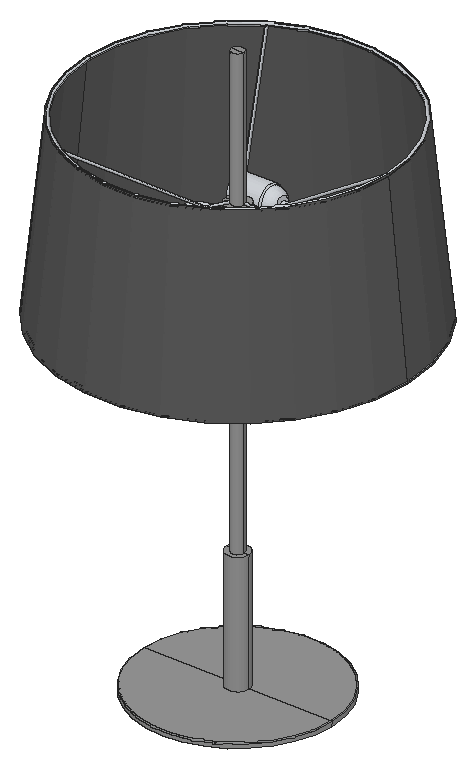
Revit family "Indoor_Table Lamp_Santa&Cole_Diana-Diana Menor", category Luminarias, Revit 2018
Family settings
  Cota de conector redondo = Diámetro de uso
  Tipo de pieza = Normal
  Número OmniClass = 23.80.70.00
  Título OmniClass = Lighting
  Se basa en plano de trabajo = No
  Siempre vertical = Sí
  Corte con vacíos al cargar = No
  Origen de luz = Sí
  Compartido = No
  Punto de cálculo de habitación = No
Parameters (values of type "Diana - Black Linen Lampshade with Nickel Structure")
  Visibility_Diana Menor = no
  Visibility_Diana = yes
  Wattage = 10.2395 W
  Technical Information = "https://www.santacole.com/recursos/productos/downloads/pdf_espec_tecnicas/SC_Diana_table%20lamp_data%20sheet.pdf"
  Structure Material = Santa & Cole - Nickel
  Second Bulb = Bulb : 1521 lm
  built-in parameter 1150110 = 1 (stored number, unit not read)
  URL = "https://www.santacole.com/en/catalogue/table-lamps/diana-diana-menor"
  Manufacturer website = "http://www.santacole.com"
  Light Source Elevation = 559 mm
  Lampshade Material = Santa & Cole - Black Linen
  built-in parameter 1114217 = 1 (stored number, unit not read)
  built-in parameter 1150109 = 1 (stored number, unit not read)
  Energy Label = "https://www.santacole.com/recursos/productos/downloads/pdf_energy_label/Energy%20Label_DIANA_without_bulb.pdf"
  Designed by = "Federico Correa, Alfonso Milá, Miguel Milá. 1995"
  Contact phone = "+34.938.619.100"
  Contact e-mail = "info@santacole.com"
  built-in parameter 1150134 = (empty or 0)
  built-in parameter 1150113 = 1 (stored number, unit not read)
  Modelo = "Diana"
  Fabricante = "Santa & Cole"
  Lumens = 1521 lm
  built-in parameter 1150115 = 1 (stored number, unit not read)
  built-in parameter 1150105 = 121.04 (stored number, unit not read)
  Load = 17 W
  Tamaño de símbolo de origen de luz = 50 mm  # constant formula
  built-in parameter 1150137 = (empty or 0)
  built-in parameter 1150139 = (empty or 0)
  built-in parameter 1150112 = 1 (stored number, unit not read)
  built-in parameter 1150114 = 1 (stored number, unit not read)
  Lamp = ""
  built-in parameter 1150132 = 2
  built-in parameter 1150102 = (empty or 0)
  built-in parameter 1150138 = (empty or 0)
  built-in parameter 1150107 = 2700 (stored number, unit not read)
  built-in parameter 1150106 = 1.2104 (stored number, unit not read)
  built-in parameter 1150104 = 13.8 (stored number, unit not read)
  Code = "DIA11/DIA113+DIAMx"
  Dimming Lamp Color Temperature Shift = (empty or 0)
  Color Filter = 16777215
  built-in parameter 1114218 = 1 (stored number, unit not read)
  Assembly instructions - UL = "https://www.santacole.com/recursos/productos/downloads/pdf_montaje/DIANA_MENOR_Sobremesa_im_UL.pdf"
  Assembly instructions - CE = "https://www.santacole.com/recursos/productos/downloads/pdf_montaje/DIANA_MENOR_Sobremesa_im.pdf"
  built-in parameter 1150133 = 10 (stored number, unit not read)
  Apparent Load = 17 VA
Types (8, lengths in mm): name | Visibility_Diana Menor | Visibility_Diana | Wattage | Structure Material | Second Bulb | Light Source Elevation | Lampshade Material | Lumens | built-in parameter 1150105 | built-in parameter 1150106 | Code
  Diana - Black Linen Lampshade with Brass Structure | no | yes | 10.2395 W | Santa & Cole - Brass | Bulb : 1521 lm | 559 | Santa & Cole - Black Linen | 1521 lm | 121.04 (stored number, unit not read) | 1.2104 (stored number, unit not read) | "DIA11/DIA113+DIAMx"
  Diana - Black Linen Lampshade with Nickel Structure | no | yes | 10.2395 W | Santa & Cole - Nickel | Bulb : 1521 lm | 559 | Santa & Cole - Black Linen | 1521 lm | 121.04 (stored number, unit not read) | 1.2104 (stored number, unit not read) | "DIA11/DIA113+DIAMx"
  Diana - White Linen Lampshade with Nickel Structure | no | yes | 10.2395 W | Santa & Cole - Nickel | Bulb : 1521 lm | 559 | Santa & Cole - White Linen | 1521 lm | 121.04 (stored number, unit not read) | 1.2104 (stored number, unit not read) | "DIA11/DIA113+DIAMx"
  Diana - White Linen Lampshade with Brass Structure | no | yes | 10.2395 W | Santa & Cole - Brass | Bulb : 1521 lm | 559 | Santa & Cole - White Linen | 1521 lm | 121.04 (stored number, unit not read) | 1.2104 (stored number, unit not read) | "DIA11/DIA113+DIAMx"
  Diana Menor - Black Linen Lampshade with Brass Structure | yes | no | 3.16409 W | Santa & Cole - Brass | Bulb : 470 lm | 484 | Santa & Cole - Black Linen | 470 lm | 37.401 (stored number, unit not read) | 0.37401 (stored number, unit not read) | "DIA12/DIA123+DIAPx"
  Diana Menor - Black Linen Lampshade with Nickel Structure | yes | no | 3.16409 W | Santa & Cole - Nickel | Bulb : 470 lm | 484 | Santa & Cole - Black Linen | 470 lm | 37.401 (stored number, unit not read) | 0.37401 (stored number, unit not read) | "DIA12/DIA123+DIAPx"
  Diana Menor - White Linen Lampshade with Nickel Structure | yes | no | 3.16409 W | Santa & Cole - Nickel | Bulb : 470 lm | 484 | Santa & Cole - White Linen | 470 lm | 37.401 (stored number, unit not read) | 0.37401 (stored number, unit not read) | "DIA12/DIA123+DIAPx"
  Diana Menor - White Linen Lampshade with Brass Structure | yes | no | 3.16409 W | Santa & Cole - Brass | Bulb : 470 lm | 484 | Santa & Cole - White Linen | 470 lm | 37.401 (stored number, unit not read) | 0.37401 (stored number, unit not read) | "DIA12/DIA123+DIAPx"
Reference planes
  plane 1 "Light Source Axis (F/B)": y = 0
  plane 2: z = 0
  plane 3 "Light Source Axis (L/R)": x = 0
  plane 4 "Light Source Elevation": z = 559
  plane 5 "Bombillas": z = 558.924
  plane 6 "Sección": through (136.212, 136.212, 1200) normal (0.7071, -0.7071, 0)
  plane 7 "Bombillas 2": z = 483.534
  plane 8 "Bombillas": z = 558.924
Forms (mm)
  Revolve 1, solid, material "Santa & Cole - Nickel" <- "Structure Material", visible <- "Visibility_Diana"
    sketch origin (0, 0, 0) x (1, 0, 0) y (0, 0, 1)
      loop
        line (-8, 759.424) -> (-8, 579.424) -> (-16, 579.424) -> (-16, 509.924) -> (-8, 509.924) -> (-8, 165.1) -> (-15, 165.1) -> (-15, 6.1) -> (-123.8, 6.1)
        arc (-123.8, 6.1) -> (-124.649, 5.749) -> (-125, 4.9) r 1.2
        line (-125, 4.9) -> (-125, 0) -> (0, 0) -> (0, 759.424) -> (-8, 759.424)
      axis (0, 759.424) -> (0, 0)
    angle from 0 to 360
  Sweep 2, solid, visible <- "Visibility_Diana"
    path origin (0, 0, 0) x (1, 0, 0) y (0, 0, 1)
      loop
        line (197.09, 678.595) -> (38.675, 580.399)
        arc (38.675, 580.399) -> (37.03, 579.672) -> (35.25, 579.424) r 6.5
        line (35.25, 579.424) -> (10.25, 579.424)
    profile origin (22.75, 0, 579.424) x (0, 0, -1) y (0, -1, 0)
      loop
        circle (-1.5, 0) r 1.5
  Sweep 3, solid, visible <- "Visibility_Diana"
    path origin (0, 0, 0) x (-0.5, 0.866025, 0) y (0, 0, 1)
      loop
        line (197.09, 678.595) -> (38.675, 580.399)
        arc (38.675, 580.399) -> (37.03, 579.672) -> (35.25, 579.424) r 6.5
        line (35.25, 579.424) -> (10.25, 579.424)
    profile origin (-11.375, 19.702, 579.424) x (0, 0, -1) y (0.866025, 0.5, 0)
      loop
        circle (-1.5, 0) r 1.5
  Sweep 4, solid, visible <- "Visibility_Diana"
    path origin (0, 0, 0) x (-0.5, -0.866025, 0) y (0, 0, 1)
      loop
        line (197.09, 678.595) -> (38.675, 580.399)
        arc (38.675, 580.399) -> (37.03, 579.672) -> (35.25, 579.424) r 6.5
        line (35.25, 579.424) -> (10.25, 579.424)
    profile origin (-11.375, -19.702, 579.424) x (0, 0, -1) y (-0.866025, 0.5, 0)
      loop
        circle (-1.5, 0) r 1.5
  Revolve 5, solid, visible <- "Visibility_Diana"
    sketch origin (0, 0, 0) x (1, 0, 0) y (0, 0, 1)
      loop
        circle (223, 444.924) r 2
      loop
        circle (198, 680.924) r 2
      axis (0, 444.924) -> (0, 680.924)
    angle from 0 to 360
  Revolve 6, solid, material "Santa & Cole - Black Linen" <- "Lampshade Material", visible <- "Visibility_Diana"
    sketch origin (0, 0, 0) x (1, 0, 0) y (0, 0, 1)
      loop
        line (199.788, 682.924) -> (225.212, 442.924) -> (226.012, 442.924) -> (200.588, 682.924) -> (199.788, 682.924)
      axis (0, 682.924) -> (0, 442.924)
    angle from 0 to 360
  Revolve 7, solid, visible <- "Visibility_Diana"
    sketch origin (0, 0, 558.924) x (-1, 0, 0) y (0, -1, 0)
      loop
        line (41.25, -33.392) -> (-1.051, -33.392) -> (-2.25, -35.193)
        arc (-2.25, -35.193) -> (-10.327, -36.981) -> (-16.75, -42.194) r 17.99
        line (-16.75, -42.194) -> (-16.75, -52.542) -> (41.25, -52.542) -> (41.25, -33.392)
      axis (41.25, -52.542) -> (-16.75, -52.542)
    angle from 0 to 360
  Revolve 8, solid, visible <- "Visibility_Diana"
    sketch origin (0, 0, 558.924) x (-1, 0, 0) y (0, -1, 0)
      loop
        line (-41.25, 33.392) -> (1.051, 33.392) -> (2.25, 35.193)
        arc (2.25, 35.193) -> (10.327, 36.981) -> (16.75, 42.194) r 17.99
        line (16.75, 42.194) -> (16.75, 52.542) -> (-41.25, 52.542) -> (-41.25, 33.392)
      axis (-41.25, 52.542) -> (16.75, 52.542)
    angle from 0 to 360
  Sweep 9, solid, visible <- "Visibility_Diana"
    path origin (0, 0, 558.924) x (-1, 0, 0) y (0, -1, 0)
      loop
        line (-14.75, -57.535) -> (-32.5, -57.535)
        arc (-32.5, -57.535) -> (-63.743, -26.292) -> (-32.5, 4.951) r 31.243
        line (-32.5, 4.951) -> (-13, 4.951)
    profile origin (22.75, -4.951, 558.924) x (0, -1, 0) y (0, 0, 1)
      loop
        circle (-5, 0) r 5
  Sweep 10, solid, visible <- "Visibility_Diana"
    path origin (0, 0, 558.924) x (1, 0, 0) y (0, 1, 0)
      loop
        line (-14.75, -57.535) -> (-32.5, -57.535)
        arc (-32.5, -57.535) -> (-63.743, -26.292) -> (-32.5, 4.951) r 31.243
        line (-32.5, 4.951) -> (-13, 4.951)
    profile origin (-22.75, 4.951, 558.924) x (0, 1, 0) y (0, 0, 1)
      loop
        circle (-5, 0) r 5
  Revolve 11, solid, material "Santa & Cole - Nickel" <- "Structure Material", visible <- "Visibility_Diana Menor"
    sketch origin (0, 0, 0) x (0.707107, 0.707107, 0) y (0, 0, 1)
      loop
        line (-8, 657.6) -> (-8, 501.6) -> (-16, 501.6) -> (-16, 432.1) -> (-8, 432.1) -> (-8, 142.1) -> (-15, 142.1) -> (-15, 6.1) -> (-123.8, 6.1)
        arc (-123.8, 6.1) -> (-124.649, 5.749) -> (-125, 4.9) r 1.2
        line (-125, 4.9) -> (-125, 0) -> (0, 0) -> (0, 657.6) -> (-8, 657.6)
      axis (0, 657.6) -> (0, 0)
    angle from 0 to 360
  Sweep 12, solid, visible <- "Visibility_Diana Menor"
    path origin (0, 0, 0) x (0.707107, 0.707107, 0) y (0, 0, 1)
      loop
        line (11, 501.6) -> (28, 501.6)
        arc (28, 501.6) -> (33.215, 502.242) -> (38.118, 504.129) r 21.5
        line (38.118, 504.129) -> (183.706, 581.776)
    profile origin (13.789, 13.789, 501.6) x (0, 0, 1) y (0.707107, -0.707107, 0)
      loop
        circle (1.5, 0) r 1.5
  Sweep 13, solid, visible <- "Visibility_Diana Menor"
    path origin (0, 0, 0) x (-0.707107, 0.707107, 0) y (0, 0, 1)
      loop
        line (11, 501.6) -> (28, 501.6)
        arc (28, 501.6) -> (33.215, 502.242) -> (38.118, 504.129) r 21.5
        line (38.118, 504.129) -> (183.706, 581.776)
    profile origin (-13.789, 13.789, 501.6) x (0, 0, 1) y (0.707107, 0.707107, 0)
      loop
        circle (1.5, 0) r 1.5
  Sweep 14, solid, visible <- "Visibility_Diana Menor"
    path origin (0, 0, 0) x (-0.707107, -0.707107, 0) y (0, 0, 1)
      loop
        line (11, 501.6) -> (28, 501.6)
        arc (28, 501.6) -> (33.215, 502.242) -> (38.118, 504.129) r 21.5
        line (38.118, 504.129) -> (183.706, 581.776)
    profile origin (-13.789, -13.789, 501.6) x (0, 0, 1) y (-0.707107, 0.707107, 0)
      loop
        circle (1.5, 0) r 1.5
  Sweep 15, solid, visible <- "Visibility_Diana Menor"
    path origin (0, 0, 0) x (0.707107, -0.707107, 0) y (0, 0, 1)
      loop
        line (11, 501.6) -> (28, 501.6)
        arc (28, 501.6) -> (33.215, 502.242) -> (38.118, 504.129) r 21.5
        line (38.118, 504.129) -> (183.706, 581.776)
    profile origin (13.789, -13.789, 501.6) x (0, 0, 1) y (-0.707107, -0.707107, 0)
      loop
        circle (1.5, 0) r 1.5
  Revolve 16, solid, visible <- "Visibility_Diana Menor"
    sketch origin (0, 0, 0) x (0.707107, 0.707107, 0) y (0, 0, 1)
      loop
        circle (199, 373.6) r 2
      loop
        circle (183, 583.6) r 2
      axis (0, 583.6) -> (0, 373.6)
    angle from 0 to 360
  Revolve 17, solid, material "Santa & Cole - Black Linen" <- "Lampshade Material", visible <- "Visibility_Diana Menor"
    sketch origin (0, 0, 0) x (0.707107, 0.707107, 0) y (0, 0, 1)
      loop
        line (184.848, 585.6) -> (201.152, 371.6) -> (201.952, 371.6) -> (185.648, 585.6) -> (184.848, 585.6)
      axis (0, 585.6) -> (0, 371.6)
    angle from 0 to 360
  Revolve 18, solid, visible <- "Visibility_Diana Menor"
    sketch origin (0, 0, 483.534) x (-0.707107, -0.707107, 0) y (0.707107, -0.707107, 0)
      loop
        line (0.783, -48.007) -> (-29.128, -18.096) -> (-31.249, -18.521)
        arc (-31.249, -18.521) -> (-38.225, -14.074) -> (-46.453, -13.219) r 17.99
        line (-46.453, -13.219) -> (-53.77, -20.536) -> (-12.758, -61.548) -> (0.783, -48.007)
      axis (-12.758, -61.548) -> (-53.77, -20.536)
    angle from 0 to 360
  Sweep 19, solid, visible <- "Visibility_Diana Menor"
    path origin (0, 0, 483.534) x (-0.707107, -0.707107, 0) y (0.707107, -0.707107, 0)
      loop
        line (-51.114, -30.254) -> (-63.665, -17.703)
        arc (-63.665, -17.703) -> (-63.665, 26.482) -> (-19.48, 26.482) r 31.243
        line (-19.48, 26.482) -> (-5.692, 12.693)
    profile origin (22.75, -4.951, 483.534) x (0, -1, 0) y (0, 0, 1)
      loop
        circle (-5, 0) r 5
  Sweep 20, solid, visible <- "Visibility_Diana Menor"
    path origin (0, 0, 483.534) x (-0.707107, -0.707107, 0) y (0.707107, -0.707107, 0)
      loop
        line (51.114, 30.254) -> (63.665, 17.703)
        arc (63.665, 17.703) -> (63.665, -26.482) -> (19.48, -26.482) r 31.243
        line (19.48, -26.482) -> (5.692, -12.693)
    profile origin (-22.75, 4.951, 483.534) x (0, 1, 0) y (0, 0, 1)
      loop
        circle (-5, 0) r 5
  Revolve 21, solid, visible <- "Visibility_Diana Menor"
    sketch origin (0, 0, 483.534) x (0.707107, 0.707107, 0) y (-0.707107, 0.707107, 0)
      loop
        line (0.783, -48.007) -> (-29.128, -18.096) -> (-31.249, -18.521)
        arc (-31.249, -18.521) -> (-38.225, -14.074) -> (-46.453, -13.219) r 17.99
        line (-46.453, -13.219) -> (-53.77, -20.536) -> (-12.758, -61.548) -> (0.783, -48.007)
      axis (-12.758, -61.548) -> (-53.77, -20.536)
    angle from 0 to 360
  Sweep 22, solid, visible <- "Visibility_Diana Menor", not visible
    path origin (0, 0, 0) x (0.707107, 0.707107, 0) y (0, 0, 1)
      loop
        line (11, 501.6) -> (28, 501.6)
        arc (28, 501.6) -> (33.215, 502.242) -> (38.118, 504.129) r 21.5
        line (38.118, 504.129) -> (183.706, 581.776)
    profile origin (13.789, 13.789, 501.6) x (0, 0, 1) y (0.707107, -0.707107, 0)
      loop
        circle (1.5, 0) r 1.5
  Sweep 23, solid, visible <- "Visibility_Diana", not visible
    path origin (0, 0, 0) x (1, 0, 0) y (0, 0, 1)
      loop
        line (197.09, 678.595) -> (38.675, 580.399)
        arc (38.675, 580.399) -> (37.03, 579.672) -> (35.25, 579.424) r 6.5
        line (35.25, 579.424) -> (10.25, 579.424)
    profile origin (22.75, 0, 579.424) x (0, 0, -1) y (0, -1, 0)
      loop
        circle (-1.5, 0) r 1.5
  Revolve 24, solid, material "Santa & Cole - Nickel" <- "Structure Material", visible <- "Visibility_Diana", not visible
    sketch origin (0, 0, 0) x (1, 0, 0) y (0, 0, 1)
      loop
        line (-8, 759.424) -> (-8, 579.424) -> (-16, 579.424) -> (-16, 509.924) -> (-8, 509.924) -> (-8, 165.1) -> (-15, 165.1) -> (-15, 6.1) -> (-123.8, 6.1)
        arc (-123.8, 6.1) -> (-124.649, 5.749) -> (-125, 4.9) r 1.2
        line (-125, 4.9) -> (-125, 0) -> (0, 0) -> (0, 759.424) -> (-8, 759.424)
      axis (0, 759.424) -> (0, 0)
    angle from 0 to 360
  Sweep 25, solid, visible <- "Visibility_Diana", not visible
    path origin (0, 0, 0) x (1, 0, 0) y (0, 0, 1)
      loop
        line (197.09, 678.595) -> (38.675, 580.399)
        arc (38.675, 580.399) -> (37.03, 579.672) -> (35.25, 579.424) r 6.5
        line (35.25, 579.424) -> (10.25, 579.424)
    profile origin (22.75, 0, 579.424) x (0, 0, -1) y (0, -1, 0)
      loop
        circle (-1.5, 0) r 1.5
  Sweep 26, solid, visible <- "Visibility_Diana", not visible
    path origin (0, 0, 0) x (-0.5, 0.866025, 0) y (0, 0, 1)
      loop
        line (197.09, 678.595) -> (38.675, 580.399)
        arc (38.675, 580.399) -> (37.03, 579.672) -> (35.25, 579.424) r 6.5
        line (35.25, 579.424) -> (10.25, 579.424)
    profile origin (-11.375, 19.702, 579.424) x (0, 0, -1) y (0.866025, 0.5, 0)
      loop
        circle (-1.5, 0) r 1.5
  Sweep 27, solid, visible <- "Visibility_Diana", not visible
    path origin (0, 0, 0) x (-0.5, -0.866025, 0) y (0, 0, 1)
      loop
        line (197.09, 678.595) -> (38.675, 580.399)
        arc (38.675, 580.399) -> (37.03, 579.672) -> (35.25, 579.424) r 6.5
        line (35.25, 579.424) -> (10.25, 579.424)
    profile origin (-11.375, -19.702, 579.424) x (0, 0, -1) y (-0.866025, 0.5, 0)
      loop
        circle (-1.5, 0) r 1.5
  Revolve 28, solid, visible <- "Visibility_Diana", not visible
    sketch origin (0, 0, 0) x (1, 0, 0) y (0, 0, 1)
      loop
        circle (223, 444.924) r 2
      loop
        circle (198, 680.924) r 2
      axis (0, 444.924) -> (0, 680.924)
    angle from 0 to 360
  Revolve 29, solid, material "Santa & Cole - Black Linen" <- "Lampshade Material", visible <- "Visibility_Diana", not visible
    sketch origin (0, 0, 0) x (1, 0, 0) y (0, 0, 1)
      loop
        line (199.788, 682.924) -> (225.212, 442.924) -> (226.012, 442.924) -> (200.588, 682.924) -> (199.788, 682.924)
      axis (0, 682.924) -> (0, 442.924)
    angle from 0 to 360
  Revolve 30, solid, visible <- "Visibility_Diana", not visible
    sketch origin (0, 0, 558.924) x (-1, 0, 0) y (0, -1, 0)
      loop
        line (41.25, -33.392) -> (-1.051, -33.392) -> (-2.25, -35.193)
        arc (-2.25, -35.193) -> (-10.327, -36.981) -> (-16.75, -42.194) r 17.99
        line (-16.75, -42.194) -> (-16.75, -52.542) -> (41.25, -52.542) -> (41.25, -33.392)
      axis (41.25, -52.542) -> (-16.75, -52.542)
    angle from 0 to 360
  Revolve 31, solid, visible <- "Visibility_Diana", not visible
    sketch origin (0, 0, 558.924) x (-1, 0, 0) y (0, -1, 0)
      loop
        line (-41.25, 33.392) -> (1.051, 33.392) -> (2.25, 35.193)
        arc (2.25, 35.193) -> (10.327, 36.981) -> (16.75, 42.194) r 17.99
        line (16.75, 42.194) -> (16.75, 52.542) -> (-41.25, 52.542) -> (-41.25, 33.392)
      axis (-41.25, 52.542) -> (16.75, 52.542)
    angle from 0 to 360
  Sweep 32, solid, visible <- "Visibility_Diana", not visible
    path origin (0, 0, 558.924) x (-1, 0, 0) y (0, -1, 0)
      loop
        line (-14.75, -57.535) -> (-32.5, -57.535)
        arc (-32.5, -57.535) -> (-63.743, -26.292) -> (-32.5, 4.951) r 31.243
        line (-32.5, 4.951) -> (-13, 4.951)
    profile origin (22.75, -4.951, 558.924) x (0, -1, 0) y (0, 0, 1)
      loop
        circle (-5, 0) r 5
  Sweep 33, solid, visible <- "Visibility_Diana", not visible
    path origin (0, 0, 558.924) x (1, 0, 0) y (0, 1, 0)
      loop
        line (-14.75, -57.535) -> (-32.5, -57.535)
        arc (-32.5, -57.535) -> (-63.743, -26.292) -> (-32.5, 4.951) r 31.243
        line (-32.5, 4.951) -> (-13, 4.951)
    profile origin (-22.75, 4.951, 558.924) x (0, 1, 0) y (0, 0, 1)
      loop
        circle (-5, 0) r 5
  Revolve 34, solid, material "Santa & Cole - Nickel" <- "Structure Material", visible <- "Visibility_Diana Menor", not visible
    sketch origin (0, 0, 0) x (0.707107, 0.707107, 0) y (0, 0, 1)
      loop
        line (-8, 657.6) -> (-8, 501.6) -> (-16, 501.6) -> (-16, 432.1) -> (-8, 432.1) -> (-8, 142.1) -> (-15, 142.1) -> (-15, 6.1) -> (-123.8, 6.1)
        arc (-123.8, 6.1) -> (-124.649, 5.749) -> (-125, 4.9) r 1.2
        line (-125, 4.9) -> (-125, 0) -> (0, 0) -> (0, 657.6) -> (-8, 657.6)
      axis (0, 657.6) -> (0, 0)
    angle from 0 to 360
  Sweep 35, solid, visible <- "Visibility_Diana Menor", not visible
    path origin (0, 0, 0) x (0.707107, 0.707107, 0) y (0, 0, 1)
      loop
        line (11, 501.6) -> (28, 501.6)
        arc (28, 501.6) -> (33.215, 502.242) -> (38.118, 504.129) r 21.5
        line (38.118, 504.129) -> (183.706, 581.776)
    profile origin (13.789, 13.789, 501.6) x (0, 0, 1) y (0.707107, -0.707107, 0)
      loop
        circle (1.5, 0) r 1.5
  Sweep 36, solid, visible <- "Visibility_Diana Menor", not visible
    path origin (0, 0, 0) x (-0.707107, 0.707107, 0) y (0, 0, 1)
      loop
        line (11, 501.6) -> (28, 501.6)
        arc (28, 501.6) -> (33.215, 502.242) -> (38.118, 504.129) r 21.5
        line (38.118, 504.129) -> (183.706, 581.776)
    profile origin (-13.789, 13.789, 501.6) x (0, 0, 1) y (0.707107, 0.707107, 0)
      loop
        circle (1.5, 0) r 1.5
  Sweep 37, solid, visible <- "Visibility_Diana Menor", not visible
    path origin (0, 0, 0) x (-0.707107, -0.707107, 0) y (0, 0, 1)
      loop
        line (11, 501.6) -> (28, 501.6)
        arc (28, 501.6) -> (33.215, 502.242) -> (38.118, 504.129) r 21.5
        line (38.118, 504.129) -> (183.706, 581.776)
    profile origin (-13.789, -13.789, 501.6) x (0, 0, 1) y (-0.707107, 0.707107, 0)
      loop
        circle (1.5, 0) r 1.5
  Sweep 38, solid, visible <- "Visibility_Diana Menor", not visible
    path origin (0, 0, 0) x (0.707107, -0.707107, 0) y (0, 0, 1)
      loop
        line (11, 501.6) -> (28, 501.6)
        arc (28, 501.6) -> (33.215, 502.242) -> (38.118, 504.129) r 21.5
        line (38.118, 504.129) -> (183.706, 581.776)
    profile origin (13.789, -13.789, 501.6) x (0, 0, 1) y (-0.707107, -0.707107, 0)
      loop
        circle (1.5, 0) r 1.5
  Revolve 39, solid, visible <- "Visibility_Diana Menor", not visible
    sketch origin (0, 0, 0) x (0.707107, 0.707107, 0) y (0, 0, 1)
      loop
        circle (199, 373.6) r 2
      loop
        circle (183, 583.6) r 2
      axis (0, 583.6) -> (0, 373.6)
    angle from 0 to 360
  Revolve 40, solid, material "Santa & Cole - Black Linen" <- "Lampshade Material", visible <- "Visibility_Diana Menor", not visible
    sketch origin (0, 0, 0) x (0.707107, 0.707107, 0) y (0, 0, 1)
      loop
        line (184.848, 585.6) -> (201.152, 371.6) -> (201.952, 371.6) -> (185.648, 585.6) -> (184.848, 585.6)
      axis (0, 585.6) -> (0, 371.6)
    angle from 0 to 360
  Revolve 41, solid, visible <- "Visibility_Diana Menor", not visible
    sketch origin (0, 0, 483.534) x (-0.707107, -0.707107, 0) y (0.707107, -0.707107, 0)
      loop
        line (0.783, -48.007) -> (-29.128, -18.096) -> (-31.249, -18.521)
        arc (-31.249, -18.521) -> (-38.225, -14.074) -> (-46.453, -13.219) r 17.99
        line (-46.453, -13.219) -> (-53.77, -20.536) -> (-12.758, -61.548) -> (0.783, -48.007)
      axis (-12.758, -61.548) -> (-53.77, -20.536)
    angle from 0 to 360
  Sweep 42, solid, visible <- "Visibility_Diana Menor", not visible
    path origin (0, 0, 483.534) x (-0.707107, -0.707107, 0) y (0.707107, -0.707107, 0)
      loop
        line (-51.114, -30.254) -> (-63.665, -17.703)
        arc (-63.665, -17.703) -> (-63.665, 26.482) -> (-19.48, 26.482) r 31.243
        line (-19.48, 26.482) -> (-5.692, 12.693)
    profile origin (22.75, -4.951, 483.534) x (0, -1, 0) y (0, 0, 1)
      loop
        circle (-5, 0) r 5
  Sweep 43, solid, visible <- "Visibility_Diana Menor", not visible
    path origin (0, 0, 483.534) x (-0.707107, -0.707107, 0) y (0.707107, -0.707107, 0)
      loop
        line (51.114, 30.254) -> (63.665, 17.703)
        arc (63.665, 17.703) -> (63.665, -26.482) -> (19.48, -26.482) r 31.243
        line (19.48, -26.482) -> (5.692, -12.693)
    profile origin (-22.75, 4.951, 483.534) x (0, 1, 0) y (0, 0, 1)
      loop
        circle (-5, 0) r 5
  Revolve 44, solid, visible <- "Visibility_Diana Menor", not visible
    sketch origin (0, 0, 483.534) x (0.707107, 0.707107, 0) y (-0.707107, 0.707107, 0)
      loop
        line (0.783, -48.007) -> (-29.128, -18.096) -> (-31.249, -18.521)
        arc (-31.249, -18.521) -> (-38.225, -14.074) -> (-46.453, -13.219) r 17.99
        line (-46.453, -13.219) -> (-53.77, -20.536) -> (-12.758, -61.548) -> (0.783, -48.007)
      axis (-12.758, -61.548) -> (-53.77, -20.536)
    angle from 0 to 360
Lines and regions (mm)
  model lines, style "Predeterminado", not visible
    curve 1: line (0, -3.75, 375) -> (0, 3.75, 375)
    curve 2: line (0, 3.75, 375) -> (0, -3.75, 375)
    curve 3: line (0, 15, 86.75) -> (0, -15, 86.75)
    curve 4: line (0, -10, 65) -> (0, -15, 82.176)
    curve 5: line (0, -10, 25) -> (0, -10, 65)
    curve 6: line (0, 6.344, 17.27) -> (0, 10, 25)
    curve 7: line (0, -1.951, 15.192) -> (0, 6.344, 17.27)
    curve 8: line (0, -10, 25) -> (0, -1.951, 15.192)
    curve 9: line (0, 10, 25) -> (0, 10, 65)
    curve 10: line (0, 15, 82.176) -> (0, 10, 65)
    curve 11: line (0, 15, 86.75) -> (0, -15, 86.75)
Dimensions and locks
  "Light Source Elevation": plane 4 "Light Source Elevation" to plane 2
  aligned and locked: plane 4 "Light Source Elevation" to imposter light
  aligned and locked: level to plane 2
Automatic sketch dimensions
  Revolve 1 sketch curve to Revolve 1 sketch curve = 8 mm  (x2)
  Revolve 1 sketch curve to Revolve 1 sketch curve = 108.8 mm
  Revolve 1 sketch curve to Revolve 1 sketch curve = 159 mm
  plane 5 "Bombillas" to Revolve 1 sketch curve = 20.5 mm
  Revolve 1 sketch curve to Revolve 1 sketch curve = 943.203 mm
  Revolve 6 sketch curve to Revolve 6 sketch curve = 0.8 mm  (x2)
  Revolve 7 sketch curve to Revolve 7 sketch curve = 0.639 mm
  Revolve 7 sketch curve to Revolve 7 sketch curve = 10.348 mm
  Revolve 7 sketch curve to Revolve 7 sketch curve = 1.801 mm
  Revolve 7 sketch curve to Revolve 7 sketch curve = 12 mm
  Revolve 7 sketch curve to Revolve 7 sketch curve = 0 mm  (x2)
  Revolve 8 sketch curve to Revolve 8 sketch curve = 1.199 mm
  Revolve 8 sketch curve to Revolve 8 sketch curve = 14.5 mm
  Revolve 8 sketch curve to Revolve 8 sketch curve = 1.801 mm
  Revolve 8 sketch curve to Revolve 8 sketch curve = 7.001 mm
  Revolve 8 sketch curve to Revolve 8 sketch curve = 19.15 mm
  Revolve 8 sketch curve to Revolve 8 sketch curve = 0 mm  (x2)
  Revolve 8 sketch curve to Revolve 8 sketch curve = 12 mm
  Sweep 9 sketch curve to plane 5 "Bombillas" = 0 mm
  profile plane to Sweep 9 sketch curve = 5 mm
  Sweep 10 sketch curve to plane 5 "Bombillas" = 0 mm
  profile plane to Sweep 10 sketch curve = 5 mm
  Revolve 11 sketch curve to Revolve 11 sketch curve = 1.2 mm
  Revolve 11 sketch curve to Revolve 11 sketch curve = 107.8 mm
  Revolve 11 sketch curve to Revolve 11 sketch curve = 108.8 mm
  Revolve 11 sketch curve to Revolve 11 sketch curve = 7 mm
  Revolve 11 sketch curve to Revolve 11 sketch curve = 8 mm  (x2)
  Revolve 11 sketch curve to Revolve 11 sketch curve = 136 mm
  Revolve 11 sketch curve to Revolve 11 sketch curve = 0 mm  (x2)
  plane 5 "Bombillas" to Revolve 11 sketch curve = 23.676 mm
  plane 5 "Bombillas" to Revolve 16 sketch curve = 24.676 mm
  Revolve 16 sketch curve to Revolve 16 sketch curve = 16 mm
  plane 5 "Bombillas" to Revolve 16 sketch curve = 28.676 mm
  Revolve 16 sketch curve to Revolve 16 sketch curve = 183 mm
  plane 5 "Bombillas" to Revolve 17 sketch curve = 26.676 mm
  Revolve 17 sketch curve to Revolve 17 sketch curve = 0.8 mm  (x2)
  Revolve 17 sketch curve to Revolve 17 sketch curve = 15.505 mm
  plane 5 "Bombillas" to Revolve 17 sketch curve = 53.676 mm
  Revolve 17 sketch curve to Revolve 17 sketch curve = 184.848 mm
  Revolve 17 sketch curve to Revolve 17 sketch curve = 45 mm
  Revolve 18 sketch curve to Revolve 18 sketch curve = 7.317 mm
  Revolve 18 sketch curve to Revolve 18 sketch curve = 9.621 mm
  Revolve 18 sketch curve to Revolve 18 sketch curve = 15.204 mm
  Revolve 18 sketch curve to Revolve 18 sketch curve = 2.121 mm
  Revolve 18 sketch curve to Revolve 18 sketch curve = 8.485 mm  (x2)
  Revolve 18 sketch curve to Revolve 18 sketch curve = 0 mm  (x2)
  Sweep 19 sketch curve to Sweep 19 sketch curve = 22.092 mm  (x3)
  Sweep 19 sketch curve to Sweep 19 sketch curve = 12.551 mm  (x2)
  Sweep 19 sketch curve to Sweep 19 sketch curve = 13.789 mm  (x2)
  profile plane to Sweep 19 sketch curve = 5 mm
  Sweep 20 sketch curve to Sweep 20 sketch curve = 22.092 mm  (x3)
  Sweep 20 sketch curve to Sweep 20 sketch curve = 13.789 mm  (x2)
  Sweep 20 sketch curve to Sweep 20 sketch curve = 12.551 mm  (x2)
  profile plane to Sweep 20 sketch curve = 5 mm
  Revolve 21 sketch curve to Revolve 21 sketch curve = 7.317 mm
  Revolve 21 sketch curve to Revolve 21 sketch curve = 9.621 mm
  Revolve 21 sketch curve to Revolve 21 sketch curve = 15.204 mm
  Revolve 21 sketch curve to Revolve 21 sketch curve = 2.121 mm
  Revolve 21 sketch curve to Revolve 21 sketch curve = 8.485 mm  (x2)
  Revolve 21 sketch curve to Revolve 21 sketch curve = 0 mm  (x2)
  Revolve 1 sketch curve to plane 5 "Bombillas" = 558.924 mm
  Revolve 1 sketch curve to Revolve 1 sketch curve = 1.2 mm
  Revolve 1 sketch curve to plane 5 "Bombillas" = 49 mm
  Revolve 1 sketch curve to Revolve 1 sketch curve = 1 mm
  Revolve 1 sketch curve to Revolve 1 sketch curve = 15 mm
  Revolve 1 sketch curve to Revolve 1 sketch curve = 4.9 mm
  Revolve 1 sketch curve to Revolve 1 sketch curve = 180 mm
  Revolve 1 sketch curve to Revolve 1 sketch curve = 0 mm
  Revolve 1 sketch curve to Revolve 1 sketch curve = 271.696 mm
  plane 5 "Bombillas" to Revolve 5 sketch curve = 122 mm
  Revolve 5 sketch curve to plane 5 "Bombillas" = 114 mm
  Revolve 5 sketch curve to Revolve 5 sketch curve = 25 mm
  Revolve 5 sketch curve to Revolve 5 sketch curve = 198 mm
  Revolve 5 sketch curve to Revolve 5 sketch curve = 187.617 mm
  Revolve 5 sketch curve to Revolve 5 sketch curve = 185.983 mm
  plane 5 "Bombillas" to Revolve 6 sketch curve = 124 mm
  Revolve 6 sketch curve to plane 5 "Bombillas" = 116 mm
  Revolve 6 sketch curve to Revolve 6 sketch curve = 24.624 mm
  Revolve 6 sketch curve to Revolve 6 sketch curve = 225.212 mm
  Revolve 6 sketch curve to Revolve 6 sketch curve = 714.619 mm
  Revolve 6 sketch curve to Revolve 6 sketch curve = 1019.703 mm
  Revolve 7 sketch curve to Revolve 7 sketch curve = 14.245 mm
  Revolve 7 sketch curve to Revolve 7 sketch curve = 14.5 mm
  Revolve 7 sketch curve to Revolve 7 sketch curve = 1.199 mm
  Revolve 7 sketch curve to Revolve 7 sketch curve = 42.301 mm
  Revolve 8 sketch curve to Revolve 8 sketch curve = 42.301 mm
  Revolve 8 sketch curve to Revolve 8 sketch curve = 14.245 mm
  Sweep 9 sketch curve to Sweep 9 sketch curve = 31.243 mm
  Sweep 9 sketch curve to Sweep 9 sketch curve = 17.75 mm
  Sweep 9 sketch curve to Sweep 9 sketch curve = 19.5 mm
  Sweep 10 sketch curve to Sweep 10 sketch curve = 31.243 mm
  Sweep 10 sketch curve to Sweep 10 sketch curve = 17.75 mm
  Sweep 10 sketch curve to Sweep 10 sketch curve = 19.5 mm
  Revolve 11 sketch curve to plane 5 "Bombillas" = 554.024 mm
  Revolve 11 sketch curve to Revolve 11 sketch curve = 6.1 mm
  Revolve 11 sketch curve to plane 5 "Bombillas" = 126.824 mm
  Revolve 11 sketch curve to plane 5 "Bombillas" = 57.324 mm
  Revolve 11 sketch curve to Revolve 11 sketch curve = 75 mm
  Revolve 16 sketch curve to plane 5 "Bombillas" = 185.324 mm
  Revolve 16 sketch curve to Revolve 16 sketch curve = 70 mm
  Revolve 17 sketch curve to plane 5 "Bombillas" = 187.324 mm
  Revolve 18 sketch curve to Revolve 18 sketch curve = 31.391 mm
  Revolve 18 sketch curve to Revolve 18 sketch curve = 13.541 mm  (x2)
  Revolve 18 sketch curve to Revolve 18 sketch curve = 10.525 mm
  Sweep 19 sketch curve to profile plane = 0 mm
  Sweep 20 sketch curve to profile plane = 0 mm
  Revolve 21 sketch curve to Revolve 21 sketch curve = 31.391 mm
  Revolve 21 sketch curve to Revolve 21 sketch curve = 13.541 mm  (x2)
  Revolve 21 sketch curve to Revolve 21 sketch curve = 10.525 mm
  Revolve 24 sketch curve to Revolve 24 sketch curve = 8 mm  (x2)
  Revolve 24 sketch curve to Revolve 24 sketch curve = 108.8 mm
  Revolve 24 sketch curve to Revolve 24 sketch curve = 159 mm
  plane 8 "Bombillas" to Revolve 24 sketch curve = 20.5 mm
  Revolve 24 sketch curve to Revolve 24 sketch curve = 943.203 mm
  Revolve 29 sketch curve to Revolve 29 sketch curve = 0.8 mm  (x2)
  Revolve 30 sketch curve to Revolve 30 sketch curve = 0.639 mm
  Revolve 30 sketch curve to Revolve 30 sketch curve = 10.348 mm
  Revolve 30 sketch curve to Revolve 30 sketch curve = 1.801 mm
  Revolve 30 sketch curve to Revolve 30 sketch curve = 12 mm
  Revolve 30 sketch curve to Revolve 30 sketch curve = 0 mm  (x2)
  Revolve 31 sketch curve to Revolve 31 sketch curve = 1.199 mm
  Revolve 31 sketch curve to Revolve 31 sketch curve = 14.5 mm
  Revolve 31 sketch curve to Revolve 31 sketch curve = 1.801 mm
  Revolve 31 sketch curve to Revolve 31 sketch curve = 7.001 mm
  Revolve 31 sketch curve to Revolve 31 sketch curve = 19.15 mm
  Revolve 31 sketch curve to Revolve 31 sketch curve = 0 mm  (x2)
  Revolve 31 sketch curve to Revolve 31 sketch curve = 12 mm
  Sweep 32 sketch curve to plane 8 "Bombillas" = 0 mm
  profile plane to Sweep 32 sketch curve = 5 mm
  Sweep 33 sketch curve to plane 8 "Bombillas" = 0 mm
  profile plane to Sweep 33 sketch curve = 5 mm
  Revolve 34 sketch curve to Revolve 34 sketch curve = 1.2 mm
  Revolve 34 sketch curve to Revolve 34 sketch curve = 107.8 mm
  Revolve 34 sketch curve to Revolve 34 sketch curve = 108.8 mm
  Revolve 34 sketch curve to Revolve 34 sketch curve = 7 mm
  Revolve 34 sketch curve to Revolve 34 sketch curve = 8 mm  (x2)
  Revolve 34 sketch curve to Revolve 34 sketch curve = 136 mm
  Revolve 34 sketch curve to Revolve 34 sketch curve = 0 mm  (x2)
  plane 8 "Bombillas" to Revolve 34 sketch curve = 23.676 mm
  plane 8 "Bombillas" to Revolve 39 sketch curve = 24.676 mm
  Revolve 39 sketch curve to Revolve 39 sketch curve = 16 mm
  plane 8 "Bombillas" to Revolve 39 sketch curve = 28.676 mm
  Revolve 39 sketch curve to Revolve 39 sketch curve = 183 mm
  plane 8 "Bombillas" to Revolve 40 sketch curve = 26.676 mm
  Revolve 40 sketch curve to Revolve 40 sketch curve = 0.8 mm  (x2)
  Revolve 40 sketch curve to Revolve 40 sketch curve = 15.505 mm
  plane 8 "Bombillas" to Revolve 40 sketch curve = 53.676 mm
  Revolve 40 sketch curve to Revolve 40 sketch curve = 184.848 mm
  Revolve 40 sketch curve to Revolve 40 sketch curve = 45 mm
  Revolve 41 sketch curve to Revolve 41 sketch curve = 7.317 mm
  Revolve 41 sketch curve to Revolve 41 sketch curve = 9.621 mm
  Revolve 41 sketch curve to Revolve 41 sketch curve = 15.204 mm
  Revolve 41 sketch curve to Revolve 41 sketch curve = 2.121 mm
  Revolve 41 sketch curve to Revolve 41 sketch curve = 8.485 mm  (x2)
  Revolve 41 sketch curve to Revolve 41 sketch curve = 0 mm  (x2)
  Sweep 42 sketch curve to Sweep 42 sketch curve = 22.092 mm  (x3)
  Sweep 42 sketch curve to Sweep 42 sketch curve = 12.551 mm  (x2)
  Sweep 42 sketch curve to Sweep 42 sketch curve = 13.789 mm  (x2)
  profile plane to Sweep 42 sketch curve = 5 mm
  Sweep 43 sketch curve to Sweep 43 sketch curve = 22.092 mm  (x3)
  Sweep 43 sketch curve to Sweep 43 sketch curve = 13.789 mm  (x2)
  Sweep 43 sketch curve to Sweep 43 sketch curve = 12.551 mm  (x2)
  profile plane to Sweep 43 sketch curve = 5 mm
  Revolve 44 sketch curve to Revolve 44 sketch curve = 7.317 mm
  Revolve 44 sketch curve to Revolve 44 sketch curve = 9.621 mm
  Revolve 44 sketch curve to Revolve 44 sketch curve = 15.204 mm
  Revolve 44 sketch curve to Revolve 44 sketch curve = 2.121 mm
  Revolve 44 sketch curve to Revolve 44 sketch curve = 8.485 mm  (x2)
  Revolve 44 sketch curve to Revolve 44 sketch curve = 0 mm  (x2)
  Revolve 24 sketch curve to plane 8 "Bombillas" = 558.924 mm
  Revolve 24 sketch curve to Revolve 24 sketch curve = 1.2 mm
  Revolve 24 sketch curve to plane 8 "Bombillas" = 49 mm
  Revolve 24 sketch curve to Revolve 24 sketch curve = 1 mm
  Revolve 24 sketch curve to Revolve 24 sketch curve = 15 mm
  Revolve 24 sketch curve to Revolve 24 sketch curve = 4.9 mm
  Revolve 24 sketch curve to Revolve 24 sketch curve = 180 mm
  Revolve 24 sketch curve to Revolve 24 sketch curve = 0 mm
  Revolve 24 sketch curve to Revolve 24 sketch curve = 271.696 mm
  plane 8 "Bombillas" to Revolve 28 sketch curve = 122 mm
  Revolve 28 sketch curve to plane 8 "Bombillas" = 114 mm
  Revolve 28 sketch curve to Revolve 28 sketch curve = 25 mm
  Revolve 28 sketch curve to Revolve 28 sketch curve = 198 mm
  Revolve 28 sketch curve to Revolve 28 sketch curve = 187.617 mm
  Revolve 28 sketch curve to Revolve 28 sketch curve = 185.983 mm
  plane 8 "Bombillas" to Revolve 29 sketch curve = 124 mm
  Revolve 29 sketch curve to plane 8 "Bombillas" = 116 mm
  Revolve 29 sketch curve to Revolve 29 sketch curve = 24.624 mm
  Revolve 29 sketch curve to Revolve 29 sketch curve = 225.212 mm
  Revolve 29 sketch curve to Revolve 29 sketch curve = 714.619 mm
  Revolve 29 sketch curve to Revolve 29 sketch curve = 1019.703 mm
  Revolve 30 sketch curve to Revolve 30 sketch curve = 14.245 mm
  Revolve 30 sketch curve to Revolve 30 sketch curve = 14.5 mm
  Revolve 30 sketch curve to Revolve 30 sketch curve = 1.199 mm
  Revolve 30 sketch curve to Revolve 30 sketch curve = 42.301 mm
  Revolve 31 sketch curve to Revolve 31 sketch curve = 42.301 mm
  Revolve 31 sketch curve to Revolve 31 sketch curve = 14.245 mm
  Sweep 32 sketch curve to Sweep 32 sketch curve = 31.243 mm
  Sweep 32 sketch curve to Sweep 32 sketch curve = 17.75 mm
  Sweep 32 sketch curve to Sweep 32 sketch curve = 19.5 mm
  Sweep 33 sketch curve to Sweep 33 sketch curve = 31.243 mm
  Sweep 33 sketch curve to Sweep 33 sketch curve = 17.75 mm
  Sweep 33 sketch curve to Sweep 33 sketch curve = 19.5 mm
  Revolve 34 sketch curve to plane 8 "Bombillas" = 554.024 mm
  Revolve 34 sketch curve to Revolve 34 sketch curve = 6.1 mm
  Revolve 34 sketch curve to plane 8 "Bombillas" = 126.824 mm
  Revolve 34 sketch curve to plane 8 "Bombillas" = 57.324 mm
  Revolve 34 sketch curve to Revolve 34 sketch curve = 75 mm
  Revolve 39 sketch curve to plane 8 "Bombillas" = 185.324 mm
  Revolve 39 sketch curve to Revolve 39 sketch curve = 70 mm
  Revolve 40 sketch curve to plane 8 "Bombillas" = 187.324 mm
  Revolve 41 sketch curve to Revolve 41 sketch curve = 31.391 mm
  Revolve 41 sketch curve to Revolve 41 sketch curve = 13.541 mm  (x2)
  Revolve 41 sketch curve to Revolve 41 sketch curve = 10.525 mm
  Sweep 42 sketch curve to profile plane = 0 mm
  Sweep 43 sketch curve to profile plane = 0 mm
  Revolve 44 sketch curve to Revolve 44 sketch curve = 31.391 mm
  Revolve 44 sketch curve to Revolve 44 sketch curve = 13.541 mm  (x2)
  Revolve 44 sketch curve to Revolve 44 sketch curve = 10.525 mm
  radius of Revolve 5 sketch curve = 2 mm  (x2)
  radius of Sweep 9 sketch curve = 5 mm
  radius of Sweep 10 sketch curve = 5 mm
  radius of Revolve 16 sketch curve = 2 mm  (x2)
  radius of Sweep 19 sketch curve = 5 mm
  radius of Sweep 20 sketch curve = 5 mm
  radius of Revolve 28 sketch curve = 2 mm  (x2)
  radius of Sweep 32 sketch curve = 5 mm
  radius of Sweep 33 sketch curve = 5 mm
  radius of Revolve 39 sketch curve = 2 mm  (x2)
  radius of Sweep 42 sketch curve = 5 mm
  radius of Sweep 43 sketch curve = 5 mm
Nested families
  nested 1: "Bulb" at (67.74, 127.5, 771.74) x (1, 0, 0) z (0, 0, -1), type <- "Second Bulb", type "1521 lm"
Definition of nested family "Bulb"
  Parameters (values of type "1521 lm")
    Wattage = 10.2395 W
    Technical Information = ""
    built-in parameter 1150110 = 1 (stored number, unit not read)
    URL = ""
    Manufacturer website = ""
    Lamp Material = none
    built-in parameter 1114217 = 1 (stored number, unit not read)
    built-in parameter 1150109 = 1 (stored number, unit not read)
    Energy Label = ""
    Default Elevation = 1219.2 mm
    Designed by = ""
    Contact phone = ""
    Contact e-mail = ""
    built-in parameter 1150134 = (empty or 0)
    built-in parameter 1150113 = 1 (stored number, unit not read)
    Model = ""
    Manufacturer = ""
    Lumens = 1521 lm
    built-in parameter 1150115 = 1 (stored number, unit not read)
    built-in parameter 1150105 = 121.04 (stored number, unit not read)
    Load = 12 W
    Light Source Symbol Size = 50 mm  # constant formula
    built-in parameter 1150137 = (empty or 0)
    built-in parameter 1150139 = (empty or 0)
    built-in parameter 1150112 = 1 (stored number, unit not read)
    built-in parameter 1150114 = 1 (stored number, unit not read)
    Lamp = ""
    built-in parameter 1150132 = 2
    built-in parameter 1150102 = (empty or 0)
    built-in parameter 1150138 = (empty or 0)
    built-in parameter 1150107 = 2700 (stored number, unit not read)
    built-in parameter 1150106 = 1.2104 (stored number, unit not read)
    built-in parameter 1150104 = 13.8 (stored number, unit not read)
    Code = ""
    Dimming Lamp Color Temperature Shift = (empty or 0)
    Color Filter = 16777215
    built-in parameter 1114218 = 1 (stored number, unit not read)
    Assembly instructions - UL = ""
    Assembly instructions - CE = ""
    built-in parameter 1150133 = 10 (stored number, unit not read)
    Apparent Load = 12 VA
  Types (2, lengths in mm): name | Wattage | Lumens | built-in parameter 1150105 | Load | built-in parameter 1150106 | Apparent Load
    1521 lm | 10.2395 W | 1521 lm | 121.04 (stored number, unit not read) | 12 W | 1.2104 (stored number, unit not read) | 12 VA
    470 lm | 3.16409 W | 470 lm | 37.401 (stored number, unit not read) | 4.5 W | 0.37401 (stored number, unit not read) | 4.5 VA
  Reference planes
    plane 1 "Light Source Axis (F/B)": y = 0
    plane 2: z = 0
    plane 3 "Light Source Axis (L/R)": x = 0
    plane 4 "Light Source Elevation": z = 212.554
  Lines and regions (mm)
    model lines, not visible
      curve 1: line (0, -3.75, 375) -> (0, 3.75, 375)
      curve 2: line (0, 3.75, 375) -> (0, -3.75, 375)
      curve 3: line (0, 15, 86.75) -> (0, -15, 86.75)
      curve 4: line (0, -10, 65) -> (0, -15, 82.176)
      curve 5: line (0, -10, 25) -> (0, -10, 65)
      curve 6: line (0, 6.344, 17.27) -> (0, 10, 25)
      curve 7: line (0, -1.951, 15.192) -> (0, 6.344, 17.27)
      curve 8: line (0, -10, 25) -> (0, -1.951, 15.192)
      curve 9: line (0, 10, 25) -> (0, 10, 65)
      curve 10: line (0, 15, 82.176) -> (0, 10, 65)
      curve 11: line (0, 15, 86.75) -> (0, -15, 86.75)
  Dimensions and locks
    aligned and locked: plane 3 "Light Source Axis (L/R)" to imposter light
    aligned and locked: plane 4 "Light Source Elevation" to imposter light
    aligned and locked: level to plane 2
